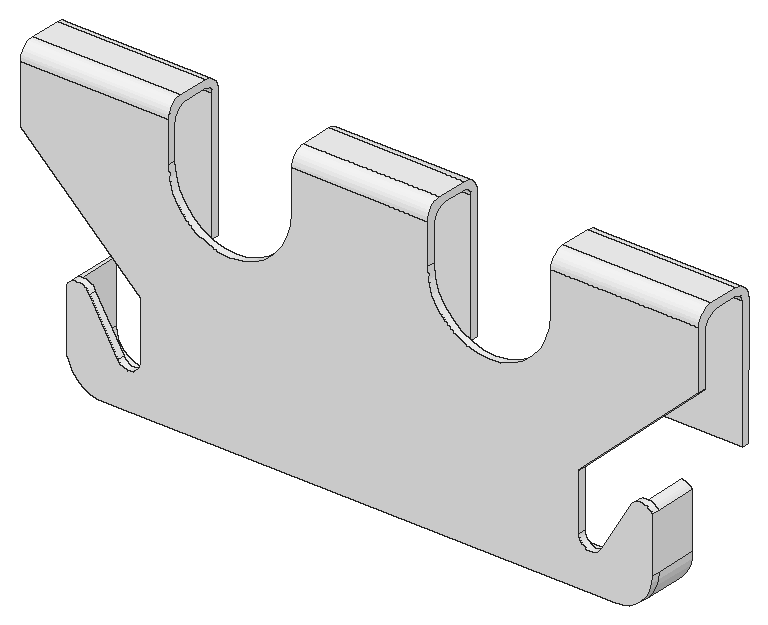
Revit family "特殊15mmWクリップ", category 機械設備, Revit 2020
Family settings
  丸型コネクタ寸法 = 直径を使用
  種別 = なし
  パーツ タイプ = 標準
  作業面ベース = いいえ
  常に垂直 = はい
  ロード時にボイドで切り取り = いいえ
  共有 = いいえ
  部屋計算ポイント = いいえ
Parameters
  製造元 = "株式会社桐井製作所"
  既定の高さ = 0 mm
  URL = "https://www.kirii.co.jp/"
  K_品名 = "特殊15mmWクリップ"
  K_名称 = "特殊クリップ"
  K_入数 = "1000"
  K_バージョン情報 = "20211012"
Reference planes
  plane 1 "中心(正面/背面)": y = 0
  plane 2: z = 0
  plane 3 "中心(左/右)": x = 0
Forms (mm)
  Extrusion 1, solid
    sketch origin (0, 30, 0) x (0, 1, 0) y (0, 0, 1)
      loop
        line (-30, 0) -> (-29.4, -0.6) -> (-29.4, 21.75)
        arc (-29.4, 21.75) -> (-29.034, 22.634) -> (-28.15, 23) r 1.25
        line (-28.15, 23) -> (-26.25, 23)
        arc (-26.25, 23) -> (-25.79, 22.81) -> (-25.6, 22.35) r 0.65
        line (-25.6, 22.35) -> (-25.6, 11.15) -> (-25, 11.75) -> (-25, 22.35)
        arc (-25, 22.35) -> (-25.366, 23.234) -> (-26.25, 23.6) r 1.25
        line (-26.25, 23.6) -> (-28.75, 23.6)
        arc (-28.75, 23.6) -> (-29.634, 23.234) -> (-30, 22.35) r 1.25
        line (-30, 22.35) -> (-30, 0)
    from -27.5 to 27.5
  Extrusion 2, void
    sketch origin (0, 0, 0) x (1, 0, 0) y (0, 0, 1)
      loop
        line (17.75, 8.6) -> (17.75, 4)
        arc (17.75, 4) -> (18.491, 3.034) -> (19.616, 3.5) r 1
        line (19.616, 3.5) -> (21.902, 7.406)
        arc (21.902, 7.406) -> (22.798, 8.015) -> (23.75, 7.5) r 1.042
        line (23.75, 7.5) -> (23.75, 3)
        arc (23.75, 3) -> (22.871, 0.879) -> (20.75, 0) r 3
        line (20.75, 0) -> (27.5, 0) -> (27.5, 17.6) -> (17.75, 8.6)
      loop
        line (-17.75, 8.6) -> (-27.5, 17.6) -> (-27.5, 0) -> (-20.75, 0)
        arc (-20.75, 0) -> (-22.871, 0.879) -> (-23.75, 3) r 3
        line (-23.75, 3) -> (-23.75, 7.5)
        arc (-23.75, 7.5) -> (-22.798, 8.015) -> (-21.902, 7.406) r 1.042
        line (-21.902, 7.406) -> (-19.616, 3.5)
        arc (-19.616, 3.5) -> (-18.491, 3.034) -> (-17.75, 4) r 1
        line (-17.75, 4) -> (-17.75, 8.6)
    from -1.85 to 0.213
  Extrusion 3, void
    sketch origin (0, -0.6, -0.8) x (0, 1, 0) y (0, 0, 1)
      loop
        line (0.387, 0.8) -> (0.387, -0.064) -> (1.428, -0.064) -> (1.428, 0.8) -> (0.387, 0.8)
    from -27.5 to 27.5
  Extrusion 4, void
    sketch origin (-10.419, 0, -0.611) x (1, 0, 0) y (0, 0, 1)
      loop
        arc (-5.081, 19.711) -> (-0.081, 14.711) -> (4.919, 19.711) r 5
        line (4.919, 19.711) -> (4.919, 24.211) -> (-5.081, 24.211) -> (-5.081, 19.711)
    from -3.583 to 0.213
  Extrusion 5, void
    sketch origin (-10.5, 0, 0) x (1, 0, 0) y (0, 0, 1)
      loop
        line (-5, 23.6) -> (-5, 11.75) -> (5, 11.75) -> (5, 23.6) -> (-5, 23.6)
    from -3.583 to -5.28
  Extrusion 6, void
    sketch origin (10.581, 0, -0.767) x (1, 0, 0) y (0, 0, 1)
      loop
        arc (-5.081, 19.867) -> (-0.081, 14.867) -> (4.919, 19.867) r 5
        line (4.919, 19.867) -> (4.919, 24.367) -> (-5.081, 24.367) -> (-5.081, 19.867)
    from -3.583 to 0.213
  Extrusion 7, void
    sketch origin (0, -11.6, -7.987) x (0, 1, 0) y (0, 0, 1)
      loop
        line (15.7, 19.745) -> (15.7, 18.89) -> (16.88, 18.89) -> (16.88, 19.745) -> (15.7, 19.745)
    from -27.5 to 27.5
  Extrusion 8, void
    sketch origin (10.5, 0, 7.03) x (1, 0, 0) y (0, 0, 1)
      loop
        line (-5, 16.57) -> (-5, 4.729) -> (5, 4.729) -> (5, 16.57) -> (-5, 16.57)
    from -3.583 to -5.28
  Extrusion 9, solid
    sketch origin (0, 0, 0) x (1, 0, 0) y (0, 0, 1)
      loop
        arc (23.75, 7.5) -> (23.412, 7.852) -> (22.95, 8.012) r 1.042
        line (22.95, 8.012) -> (22.95, 3)
        arc (22.95, 3) -> (22.306, 1.444) -> (20.75, 0.8) r 2.2
        line (20.75, 0.8) -> (-20.75, 0.8)
        arc (-20.75, 0.8) -> (-22.306, 1.444) -> (-22.95, 3) r 2.2
        line (-22.95, 3) -> (-22.95, 8.012)
        arc (-22.95, 8.012) -> (-23.412, 7.852) -> (-23.75, 7.5) r 1.042
        line (-23.75, 7.5) -> (-23.75, 3)
        arc (-23.75, 3) -> (-22.871, 0.879) -> (-20.75, 0) r 3
        line (-20.75, 0) -> (20.75, 0)
        arc (20.75, 0) -> (22.871, 0.879) -> (23.75, 3) r 3
        line (23.75, 3) -> (23.75, 7.5)
    from -4 to -0.6
Cuts and joins
  Extrusion 2, Extrusion 3, Extrusion 4, Extrusion 5, Extrusion 6, Extrusion 7, Extrusion 8 cuts Extrusion 1
  joined: Extrusion 1, Extrusion 9
Dimensions and locks
  aligned and locked: level to plane 2
